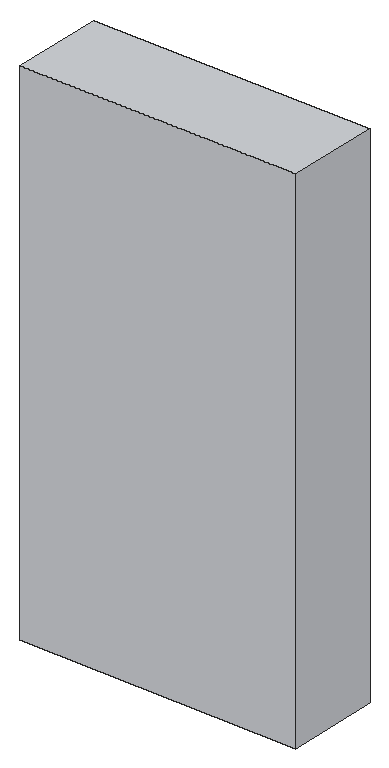
Revit family "KG_Zentrale_KK_V1700", category Kommunikationsgeräte, Revit 2017
Family settings
  Beschriftungsausrichtung beibehalten = Nein
  Bemaßung runder Anschluss = Durchmesser verwenden
  Teiletyp = Normal
  OmniClass-Nummer = 23.85.10.00
  OmniClass-Titel = General Information Systems
  Arbeitsebenenbasiert = Ja
  Immer vertikal = Ja
  Beim Laden mit Abzugskörper schneiden = Ja
  Gemeinsam genutzt = Nein
  Raumberechnungspunkt = Nein
Parameters (values of type "Sat_Verteiler")
  pbr_Material_KZ = ""
  pbr_Material = none
  pbr_E_Typ = ""
  pbr_E_KZ = ""
  pbr_DINBild = 0
  pbr_Bild = 0
  pbr_3Dx_Delta_Korrekturversatz [instance] = 0 mm
  pbr_3DX_Versatzfaktor [instance] = 0
  pbr_2DY_Versatzfaktor [instance] = 0
  pbr_2DX_Versatzfaktor [instance] = 0
  lfd_STRK [instance] = 0
  cpiFitMatchKey [instance] = "E-UVT"  # constant formula
  Zentrale [instance] = ""
  YFrontversatz [instance] = if(pbr_2DY_Versatzfaktor = 300, 0 mm, pbr_2DY_Versatzfaktor * 300 mm)  # 0 mm
  XSeitenversatz [instance] = if(pbr_2DX_Versatzfaktor = 0, 3000 mm, 3000 mm + (pbr_2DX_Versatzfaktor * 300 mm)) + Eckversatz  # 3000 mm
  X3Dversatz [instance] = if([3DX_Versatzkontrolle] = 0, 2000 mm, 2000 mm + ([3DX_Versatzkontrolle] * (300 mm - Breite))) + pbr_3Dx_Delta_Korrekturversatz  # 2000 mm
  Vorgabe-Ansicht = 1200 mm
  Verkleidung [instance] = "Typ1"
  Typ [instance] = ""
  Tiefe [instance] = 200 mm
  Text3 [instance] = ""
  Text2 [instance] = ""
  Text1 [instance] = ""
  SAT-Zentrale = yes
  Planungsbüro Rohling = "www.pbr.de"
  Pfeilsymbol_b = 47.044 mm
  Niveau [instance] = 1200 mm
  Netzart = ""
  Menge(Dosenzahl) [instance] = 0
  Linie/Anschluss [instance] = ""
  Linie [instance] = ""
  Lastklassifizierung = none
  Installationsart [instance] = ""
  Installation [instance] = "Eingelassen"
  Info [instance] = ""
  Höhenwert [instance] = 0 mm
  Höhe [instance] = 1117.6 mm
  Gewerk [instance] = "SAT"
  Elementname [instance] = "Schalttafel 400V"
  Eckversatz = 0 mm
  Durchmesser = 15 mm
  Bus [instance] = ""
  Breite [instance] = 600 mm
  Betriebsstrom ruhe [instance] = 0
  Betriebsstrom max [instance] = 0
  BKZ = no
  42Schaltkreishöhe = 1117.6 mm
  3DX_Versatzkontrolle [instance] = if(pbr_3DX_Versatzfaktor = 0, (pbr_2DX_Versatzfaktor * -1), (((-1 * pbr_3DX_Versatzfaktor) + pbr_2DX_Versatzfaktor) * -1))  # 0
  30Schaltkreishöhe = 965.2 mm
  18Schaltkreishöhe = 965.2 mm
  12Schaltkreishöhe = 965.2 mm
Types (2, lengths in mm): name | SAT-Zentrale | BKZ
  Sat_Verteiler | yes | no
  Breitbandkommunikationszentrale | no | yes
Reference planes
  plane 1 "Mitte (Vorne/Hinten)": y = 0
  plane 2: z = 0
  plane 3 "Mitte (Links/Rechts)": x = 0
  plane 4: y = 200
  plane 5: x = -300
  plane 6: x = 300
  plane 7 "Niveau": z = 1200
  plane 8: z = 2317.6
  plane 9: y = 100
Forms (mm)
  Extrusion 1, solid
    sketch origin (-17.916, -2.559, 0) x (1, 0, 0) y (0, 1, 0)
      loop
        line (-282.084, 2.559) -> (317.916, 2.559) -> (317.916, 202.559) -> (-282.084, 202.559) -> (-282.084, 2.559)
    from 1200 to 2317.6
Dimensions and locks
  equal spacing: plane 5, plane 3 "Mitte (Links/Rechts)", plane 6
  "Tiefe": plane 4 to plane 1 "Mitte (Vorne/Hinten)"
  "Breite": plane 5 to plane 6
  "Höhe": plane 8 to plane 7 "Niveau"
  "Niveau": plane 7 "Niveau" to level
  plane 3 "Mitte (Links/Rechts)" to Extrusion 1 = 300 mm
  equal spacing: plane 4, plane 9, plane 1 "Mitte (Vorne/Hinten)"
  aligned and locked: level to plane 2
  aligned and locked: plane 6 to Extrusion 1
  aligned and locked: plane 1 "Mitte (Vorne/Hinten)" to Extrusion 1
  aligned and locked: plane 4 to Extrusion 1
  aligned and locked: Extrusion 1 to plane 5
  aligned and locked: Extrusion 1 to plane 7 "Niveau"
  aligned and locked: plane 8 to Extrusion 1
  aligned and locked: plane 3 "Mitte (Links/Rechts)" to nested 1
  aligned and locked: plane 3 "Mitte (Links/Rechts)" to nested 2
Automatic sketch dimensions
  Extrusion 1 sketch curve to plane 4 = 0 mm
  Extrusion 1 sketch curve to plane 5 = 0 mm
  Extrusion 1 sketch curve to plane 6 = 0 mm
  plane 1 "Mitte (Vorne/Hinten)" to Extrusion 1 sketch curve = 0 mm
Nested families
  nested 1: "Breitbandkommunikationszentrale" at (0, 0, 0), visible <- "BKZ", type "Breitbandkommunikationszentrale"
    with Winkel 90.00°
  nested 2: "SAT-Zentrale" at (0, 0, 0), visible <- "SAT-Zentrale", type "SAT-Zentrale"
    with Winkel 90.00°
Connectors
  electrical at (0, 100, 2317.6)
    settings: on Extrusion 1, index 1, voltage 400 V, apparent load 0 VA, apparent load phase1 0 VA, apparent load phase2 0 VA, apparent load phase3 0 VA, power factor 1, load classification "Elektro", number of poles 3, system type 14, power factor state 1, is connector primary yes, connector utility no, sub classification motor no, connector description ""
  cabletrayconduit at (0, 100, 2317.6), diameter 15, driven by "Durchmesser"
    settings: on Extrusion 1, index 2, connector width 300 mm, connector height 300 mm, connector angle 0.00°, system type 32, placement type 0, profile type 0, connector reference index -1, is primary connector yes, connector utility param no, connector description ""
  cabletrayconduit at (0, 100, 1200), diameter 15, driven by "Durchmesser"
    settings: on Extrusion 1, index 3, connector width 300 mm, connector height 300 mm, connector angle 0.00°, system type 32, placement type 0, profile type 0, connector reference index -1, is primary connector no, connector utility param no, connector description ""
Definition of nested family "Breitbandkommunikationszentrale"
  Parameters (values of type "Breitbandkommunikationszentrale")
    Winkel [instance] = 90.00°
  Reference planes
    plane 1 "Mitte (Vorne/Hinten)": y = 0
    plane 2: z = 0
    plane 3 "Mitte (Links/Rechts)": x = 0
  Lines and regions (mm)
    Filled region 1, type "Beton", in view "Referenzebene"
      outline origin (117.285, -6.039, 0) x (1, 0, 0) y (0, 1, 0)
        loop
          line (-34.159, 133.077) -> (-78.898, 64.185) -> (-78.898, 53.536) -> (-21.783, 53.536) -> (-21.783, 64.185) -> (-67.983, 64.185) -> (-23.244, 133.077) -> (-23.244, 143.942) -> (-74.483, 143.942) -> (-74.483, 133.077) -> (-34.159, 133.077)
    Filled region 2, type "Beton", in view "Referenzebene"
      outline origin (-8.512, -3.89, 0) x (1, 0, 0) y (0, 1, 0)
        loop
          spline (-49.749, 51.336) -> (-40.328, 52.835) -> (-34.681, 55.59) -> (-31.238, 58.86) -> (-28.889, 62.212) -> (-27.292, 65.729) -> (-26.174, 69.544) -> (-25.446, 73.751) -> (-25.302, 78.391) -> (-25.958, 83.498) -> (-27.746, 88.968) -> (-31.348, 94.27) -> (-37.517, 98.79)
          line (-37.517, 98.79) -> (-38.645, 99.246)
          spline (-38.645, 99.246) -> (-33.766, 103.559) -> (-30.966, 108.163) -> (-29.541, 112.553) -> (-28.837, 116.286) -> (-28.649, 119.469) -> (-28.988, 122.473) -> (-29.866, 125.673) -> (-31.308, 129.422) -> (-33.64, 133.562) -> (-37.503, 137.405) -> (-43.553, 140.234) -> (-52.445, 141.336)
          line (-52.445, 141.336) -> (-79.749, 141.336) -> (-79.749, 51.336) -> (-49.749, 51.336)
        loop
          line (-53.92, 130.843) -> (-70.033, 130.843) -> (-70.033, 103.55) -> (-52.944, 103.55)
          spline (-52.944, 103.55) -> (-47.287, 104.063) -> (-43.219, 105.582) -> (-40.47, 108.078) -> (-38.803, 111.369) -> (-38.039, 115.033) -> (-38.002, 118.626) -> (-38.54, 121.853) -> (-39.532, 124.613) -> (-40.913, 126.842) -> (-43.037, 128.651) -> (-46.64, 130.158) -> (-53.92, 130.843)
        loop
          line (-53.553, 92.929) -> (-70.033, 92.929) -> (-70.033, 61.93) -> (-49.198, 61.93)
          spline (-49.198, 61.93) -> (-43.462, 62.888) -> (-39.291, 65.443) -> (-36.59, 69.115) -> (-35.232, 73.421) -> (-34.953, 77.84) -> (-35.451, 81.848) -> (-36.455, 85.023) -> (-37.859, 87.47) -> (-39.62, 89.452) -> (-42.137, 91.106) -> (-46.415, 92.38) -> (-53.553, 92.929)
    Filled region 3, type "Beton", in view "Referenzebene"
      outline origin (-8.512, -3.89, 0) x (1, 0, 0) y (0, 1, 0)
        loop
          line (-4.054, 96.684) -> (-4.054, 141.432) -> (-13.587, 141.432) -> (-13.587, 51.24) -> (-4.041, 51.24) -> (-4.041, 82.502) -> (7.746, 96.832) -> (33.018, 51.24) -> (46.045, 51.24) -> (14.415, 104.94) -> (44.774, 141.462) -> (31.796, 141.462) -> (-4.054, 96.684)
    detail lines, in view "Referenzebene"
      curve 1: line (-149.122, -5, 0) -> (148.324, -5, 0)
      curve 2: line (-149.122, 187.591, 0) -> (-149.122, -5, 0)
      curve 3: line (148.324, 187.591, 0) -> (-149.122, 187.591, 0)
      curve 4: line (148.324, -5, 0) -> (148.324, 187.591, 0)
      curve 5: line (-144.122, 0, 0) -> (143.324, 0, 0)
      curve 6: line (-144.122, 182.591, 0) -> (-144.122, 0, 0)
      curve 7: line (143.324, 182.591, 0) -> (-144.122, 182.591, 0)
      curve 8: line (143.324, 0, 0) -> (143.324, 182.591, 0)
Definition of nested family "SAT-Zentrale"
  Parameters (values of type "SAT-Zentrale")
    Winkel [instance] = 90.00°
  Reference planes
    plane 1 "Mitte (Vorne/Hinten)": y = 0
    plane 2: z = 0
    plane 3 "Mitte (Links/Rechts)": x = 0
  Lines and regions (mm)
    Filled region 1, type "Beton", in view "Referenzebene"
      outline origin (222.218, -8.918, 0) x (1, 0, 0) y (0, 1, 0)
        loop
          line (-268.604, 53.514) -> (-260.692, 80.796) -> (-230.49, 80.796) -> (-222.184, 53.495) -> (-211.21, 53.495) -> (-240.744, 143.681) -> (-251.027, 143.681) -> (-278.739, 53.514) -> (-268.604, 53.514)
        loop
          line (-232.843, 90.526) -> (-246.129, 134.2) -> (-257.913, 90.526) -> (-232.843, 90.526)
    Filled region 2, type "Beton", in view "Referenzebene"
      outline origin (145.422, -7.64, 0) x (1, 0, 0) y (0, 1, 0)
        loop
          line (-105.439, 133.014) -> (-81.568, 133.014) -> (-81.568, 143.657) -> (-138.84, 143.657) -> (-138.84, 133.014) -> (-114.988, 133.014) -> (-114.988, 53.478) -> (-105.439, 53.478) -> (-105.439, 133.014)
    Filled region 3, type "Beton", in view "Referenzebene"
      outline origin (145.422, -7.64, 0) x (1, 0, 0) y (0, 1, 0)
        loop
          line (-34.159, 133.077) -> (-78.898, 64.185) -> (-78.898, 53.536) -> (-21.783, 53.536) -> (-21.783, 64.185) -> (-67.983, 64.185) -> (-23.244, 133.077) -> (-23.244, 143.942) -> (-74.483, 143.942) -> (-74.483, 133.077) -> (-34.159, 133.077)
    Filled region 4, type "Beton", in view "Referenzebene"
      outline origin (-12.092, -2.64, 0) x (1, 0, 0) y (0, 1, 0)
        loop
          line (-61.889, 112.53) -> (-52.681, 113.374)
          spline (-52.681, 113.374) -> (-61.881, 134.562) -> (-77.505, 140.226) -> (-92.596, 137.453) -> (-103.507, 125.115) -> (-104.471, 109.021) -> (-96.416, 96.785) -> (-77.759, 89.14) -> (-65.364, 84.256) -> (-60.003, 70.144) -> (-70.838, 58.592) -> (-87.024, 59.642) -> (-98.93, 78.534)
          line (-98.93, 78.534) -> (-107.948, 77.556)
          spline (-107.948, 77.556) -> (-99.82, 55.508) -> (-82.936, 47.258) -> (-66.885, 48.77) -> (-55.162, 58.346) -> (-50.573, 74.45) -> (-55.293, 89.423) -> (-69.034, 98.793) -> (-86.154, 104.116) -> (-95.91, 113.67) -> (-89.489, 127.708) -> (-72.92, 128.971) -> (-61.889, 112.53)
    detail lines, in view "Referenzebene"
      curve 1: line (-149.122, -5.919, 0) -> (148.324, -5.919, 0)
      curve 2: line (-149.122, 186.672, 0) -> (-149.122, -5.919, 0)
      curve 3: line (148.324, 186.672, 0) -> (-149.122, 186.672, 0)
      curve 4: line (148.324, -5.919, 0) -> (148.324, 186.672, 0)
      curve 5: line (-144.122, -0.919, 0) -> (143.324, -0.919, 0)
      curve 6: line (-144.122, 181.672, 0) -> (-144.122, -0.919, 0)
      curve 7: line (143.324, 181.672, 0) -> (-144.122, 181.672, 0)
      curve 8: line (143.324, -0.919, 0) -> (143.324, 181.672, 0)
  Dimensions and locks
    curve 2 to plane 3 "Mitte (Links/Rechts)" to curve 4 = 149.122 mm, 148.324 mm
